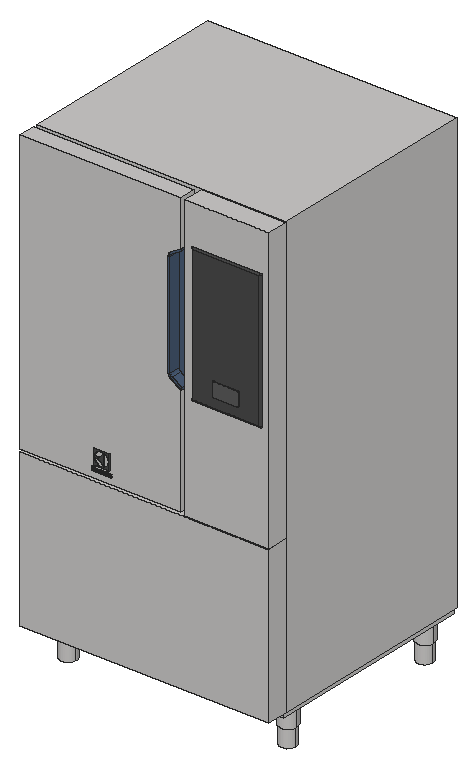
Revit family "QF_ELECTROLUXPROFESSIONAL_727734_EBFA11UE", category Specialty Equipment, Revit 2018 (continued)
Definition of nested family "ELX_Logo_Symbol"
  Forms (mm)
    Extrusion 1, solid
      sketch origin (0, 0, 0) x (1, 0, 0) y (0, 1, 0)
        loop
          line (-1219.2, 1219.2) -> (-1219.2, -1219.2) -> (1219.2, -1219.2) -> (1219.2, 1219.2) -> (-1219.2, 1219.2)
      from 0 to -304.8
    Extrusion 2, solid, material <- "M"
      sketch origin (94.462, 558.781, 0) x (1, 0, 0) y (0, 1, 0)
        loop
          line (-101.645, -583.129) -> (-101.645, -534.543)
          arc (-101.645, -534.543) -> (-119.606, -558.836) -> (-101.645, -583.129) r 25.41
        loop
          arc (-99.174, -583.129) -> (-78.968, -578.537) -> (-69.233, -560.244) r 24.902
          line (-69.233, -560.244) -> (-77.271, -560.244)
          arc (-77.271, -560.244) -> (-91.631, -566.073) -> (-99.174, -579.611) r 23.341
          line (-99.174, -579.611) -> (-99.174, -583.129)
        loop
          arc (-99.174, -538.061) -> (-91.631, -551.599) -> (-77.271, -557.427) r 23.341
          line (-77.271, -557.427) -> (-69.233, -557.427)
          arc (-69.233, -557.427) -> (-78.952, -538.984) -> (-99.174, -533.918) r 25.553
          line (-99.174, -533.918) -> (-99.174, -538.061)
        loop
          line (-67.388, -585.781) -> (-67.388, -531.781) -> (-121.462, -531.781) -> (-121.462, -585.781) -> (-67.388, -585.781)
      from 0 to 1.644
  Dimensions and locks
    aligned and locked: plane 2 to Extrusion 1
    aligned and locked: level to Extrusion 1
